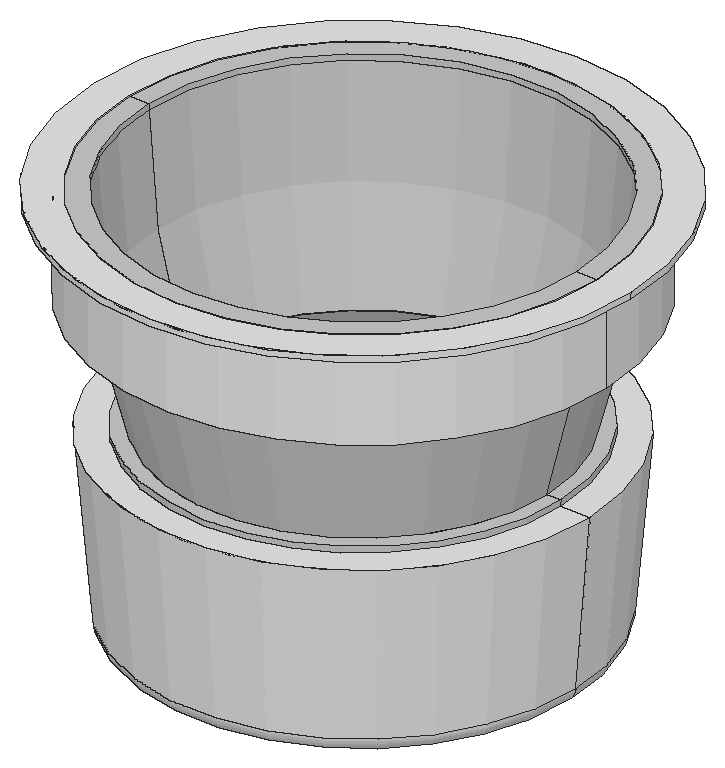
Revit family "2059356 Lighting Fixture_Sylvania_Ascent 150 II Round_Ceiling Recessed", category Lighting Fixtures, host Face, Revit 2017
Family settings
  Host = Face
  Round Connector Dimension = Use Diameter
  Part Type = Normal
  OmniClass Number = 23.80.70.11.17
  OmniClass Title = Specialized Lighting by Location or Use
  Cut with Voids When Loaded = No
  Light Source = Yes
  Shared = No
  Room Calculation Point = No
Parameters (values of type "ASCENT 150 II 2200 3K STD")
  Upper Body Radius = Radius - 14.5 mm  # 80.0 mm
  Upper Body Material = Metal_Sylvania_Ascent 150 II_Black
  Ring Outer Diameter = Diameter - 17.0 mm  # 172.0 mm
  Ring Inner Diameter = Ring Outer Diameter - 4.0 mm  # 168.0 mm
  Reflector Material = Metal_Sylvania_Ascent 150 II_Polished
  Recessed Depth = 142.0 mm
  Radius = Diameter / 2  # 94.5 mm
  Light Emit  Diameter = Diameter - 38.0 mm  # 151.0 mm
  LOR = "100%"  # constant formula
  Inrush Current (max. quantity per 16A C breaker) = "80"  # constant formula
  Inner Reflector Radius = Inner Radius - 19.5 mm  # 63.0 mm
  Inner Radius = Inner Diameter / 2  # 82.5 mm
  Inner Diameter = Diameter - 24.0 mm  # 165.0 mm
  IP Rating = "IP44"  # constant formula
  IK Rating = "IK02"  # constant formula
  Glow Wire Test = 650 °C  # constant formula
  Energy Class = "A++,A+,A"  # constant formula
  Weight = 1.7 kg
  Wattage = 18.2602 W
  built-in parameter 1150110 = 1 (stored number, unit not read)
  Voltage Comments = "UNV (Universal Voltage; 220-240 Volt)"  # constant formula
  Voltage = 230 V  # constant formula
  URL = "https://www.sylvania-lighting.com"
  built-in parameter 1114217 = 1 (stored number, unit not read)
  Tilt Angle = -90°
  built-in parameter 1150109 = 1 (stored number, unit not read)
  built-in parameter 1150134 = (empty or 0)
  built-in parameter 1150113 = 1 (stored number, unit not read)
  Product Page URL = "https://www.sylvania-lighting.com/product/en-int/products/2059356"
  Product Family = "ASCENT 150 II ROUND"  # constant formula
  Photometry Comments = ""
  Photometric Web File = "2059356_ASCENT150II22003KSTD-206199.ies"
  Life = "50 000 h"  # constant formula
  Emit from Circle Diameter = Light Emit  Diameter  # 151.0 mm
  Emit Shape Visible in Rendering = no
  Emergency duration (h) = "N/A"
  Electrical Protection = "Class II"  # constant formula
  Drive Current = "700mA"  # constant formula
  Distribution type = "Direct"  # constant formula
  Diffuser Material = Glass_Sylvania_Ascent 150 II_Clear_3000K
  Diameter = 189.0 mm
  Cutout Diameter = Diameter - 13.0 mm  # 176.0 mm
  Colour consistency (SDCM) = "3 step"  # constant formula
  built-in parameter 1114216 [instance] = 1 (stored number, unit not read)
  Model = "ASCENT 150 II 2200 3K STD"
  Manufacturer = "Feilo Sylvania"
  built-in parameter 1150105 = 178.73 (stored number, unit not read)
  Lumens = 2246 lm
  built-in parameter 1150115 = 1 (stored number, unit not read)
  built-in parameter 1150137 = (empty or 0)
  built-in parameter 1150139 = (empty or 0)
  built-in parameter 1150112 = 1 (stored number, unit not read)
  built-in parameter 1150114 = 1 (stored number, unit not read)
  Lamp Comments = "Integrated LED"  # constant formula
  Lamp = "LED"  # constant formula
  built-in parameter 1150132 = 2
  built-in parameter 1150102 = (empty or 0)
  built-in parameter 1150107 = 3000 (stored number, unit not read)
  built-in parameter 1150138 = (empty or 0)
  built-in parameter 1150106 = 1.7873 (stored number, unit not read)
  built-in parameter 1150104 = 11.427 (stored number, unit not read)
  Dimming Lamp Color Temperature Shift = <None>
  Description = "A very high efficient round downlight up to 127lm/W Long life >50,000hrs 4,000K and 3,000K CCT and CRI Ra85 IP44 rated for wet areas and bathrooms UGR <19 version for offices to comply with EN12464-1 Wide selection of decorative accessories"  # constant formula
  Default Elevation = 0.0 mm
  Color Filter = 16777215
  Catalog Number = "2059356 ASCENT 150 II 2200 3K STD"
  built-in parameter 1140040 [instance] = 1
  CRI (Ra) = ">80"  # constant formula
  built-in parameter 1114218 = 1 (stored number, unit not read)
  built-in parameter 1150133 = 10 (stored number, unit not read)
  Assembly Code = "D5020200"
  Apparent Load Comments = ""
  Apparent Load = 14 VA
  Accessory Material = Aluminum_Sylvania_Ascent 150 II_White
Reference planes
  plane 1 "Center (Front/Back)": y = 0
  plane 2: z = 0
  plane 3 "Center (Left/Right)": x = 0
  plane 4: z = 2
  plane 5: z = -74
  plane 6 "Fixture Top": z = -140
  plane 7: z = -31
  plane 8: z = -72
  plane 9: z = -62.037
Forms (mm)
  Extrusion 1, solid, material "Aluminum_Sylvania_Ascent 150 II_White" <- "Accessory Material", detail levels fine
    sketch origin (0, 0, 0) x (1, 0, 0) y (0, 1, 0)
      loop
        circle (0, 0) r 94.5
      loop
        circle (0, 0) r 82.5
    from 0 to 2
  Extrusion 2, void
    sketch origin (0, 0, 0) x (1, 0, 0) y (0, 1, 0)
      loop
        circle (0, 0) r 88
    from -140 to 2
  Revolve 3, solid, material "Metal_Sylvania_Ascent 150 II_Polished" <- "Reflector Material", detail levels fine
    sketch origin (0, 0, 0) x (1, 0, 0) y (0, 0, 1)
      loop
        line (-82.5, 0) -> (-77.5, 0)
        arc (-77.5, 0) -> (-74.352, -36.539) -> (-65, -72) r 213.61
        line (-65, -72) -> (-70, -72) -> (-70, -74) -> (0, -74) -> (0, -72) -> (-63, -72)
        arc (-63, -72) -> (-72.352, -36.539) -> (-75.5, 0) r 213.61
        line (-75.5, 0) -> (-75.5, 2) -> (-82.5, 2) -> (-82.5, 0)
      axis (0, 2) -> (0, -74)
    angle from 0 to 360
  Extrusion 4, solid, material "Aluminum_Sylvania_Ascent 150 II_White" <- "Accessory Material", detail levels fine
    sketch origin (0, 0, 0) x (1, 0, 0) y (0, 1, 0)
      loop
        circle (0, 0) r 86
      loop
        circle (0, 0) r 84
    from -31 to 0
  Revolve 5, solid, material "Glass_Sylvania_Ascent 150 II_Clear_3000K" <- "Diffuser Material", detail levels fine
    sketch origin (0, 0, 0) x (1, 0, 0) y (0, 0, 1)
      loop
        line (-63, -72) -> (0, -72) -> (0, -62.037)
        arc (0, -62.037) -> (-31.891, -64.543) -> (-63, -72) r 204.163
      axis (0, -62.037) -> (0, -72)
    angle from 0 to 360
  Revolve 6, solid, material "Metal_Sylvania_Ascent 150 II_Black" <- "Upper Body Material", detail levels fine
    sketch origin (0, 0, 0) x (1, 0, 0) y (0, 0, 1)
      loop
        line (0, -74) -> (-80, -74) -> (-75.107, -129.929)
        arc (-75.107, -129.929) -> (-73.452, -133.536) -> (-69.924, -135.353) r 6.079
        arc (-69.924, -135.353) -> (-35.039, -138.837) -> (0, -140) r 528.435
        line (0, -140) -> (0, -74)
      axis (0, -74) -> (0, -140)
    angle from 0 to 360
  Revolve 7, solid, material "Aluminum_Sylvania_Ascent 150 II_White" <- "Accessory Material", detail levels coarse+medium
    sketch origin (0, 0, 0) x (1, 0, 0) y (0, 0, 1)
      loop
        arc (-69.924, -135.353) -> (-35.039, -138.837) -> (0, -140) r 528.435
        line (0, -140) -> (0, 2) -> (-94.5, 2) -> (-94.5, 0) -> (-86, 0) -> (-86, -31)
        arc (-86, -31) -> (-84.493, -52.708) -> (-80, -74) r 157.083
        line (-80, -74) -> (-75.107, -129.929)
        arc (-75.107, -129.929) -> (-73.452, -133.536) -> (-69.924, -135.353) r 6.079
      axis (0, 2) -> (0, -140)
    angle from 0 to 360
Cuts and joins
  joined: Extrusion 1, Extrusion 4
Lines and regions (mm)
  Masking region 1
    outline origin (0, 0, 0) x (1, 0, 0) y (0, 1, 0)
      loop
        circle (0, 0) r 94.5
  symbolic lines, detail levels fine
    curve 1: arc (-75.5, 0, 0) -> (0, 75.5, 0) -> (75.5, 0, 0) r 75.5
    curve 2: arc (75.5, 0, 0) -> (0, -75.5, 0) -> (-75.5, 0, 0) r 75.5
Dimensions and locks
  plane 4 to plane 2 to plane 7 to plane 9 to plane 8 to plane 5 = 2.0 mm locked, 31.0 mm locked, 31.037 mm locked, 9.963 mm locked, 2.0 mm locked
  "Inner Radius": plane 3 "Center (Left/Right)" to Revolve 3 sketch curve
  locked: Revolve 3 sketch curve to Revolve 3 sketch curve at 7
  Revolve 3 sketch curve to Revolve 3 sketch curve to Revolve 3 sketch curve to Revolve 3 sketch curve = 2.0 mm locked, 5.0 mm locked, 12.5 mm locked
  "Inner Reflector Radius": Revolve 5 sketch curve to imposter light
  Revolve 6 sketch curve to Revolve 6 sketch curve to plane 6 "Fixture Top" = 5.424 mm locked, 4.647 mm locked
  "Recessed Depth": plane 4 to plane 6 "Fixture Top"
  "Upper Body Radius": plane 3 "Center (Left/Right)" to Revolve 6 sketch curve
  Revolve 6 sketch curve to Revolve 6 sketch curve to Revolve 6 sketch curve = 4.893 mm locked, 5.183 mm locked
  Revolve 7 sketch curve to Revolve 7 sketch curve to plane 6 "Fixture Top" = 5.424 mm locked, 4.647 mm locked
  Revolve 7 sketch curve to Revolve 7 sketch curve to Revolve 7 sketch curve to Revolve 7 sketch curve to Revolve 7 sketch curve = 8.5 mm locked, 6.0 mm locked, 4.893 mm locked, 5.183 mm locked
  "Radius": plane 3 "Center (Left/Right)" to Revolve 7 sketch curve
  "Diameter": diameter of Extrusion 1 sketch curve
  "Inner Diameter": diameter of Extrusion 1 sketch curve
  "Cutout Diameter": diameter of Extrusion 2 sketch curve
  "Ring Outer Diameter": diameter of Extrusion 4 sketch curve
  "Ring Inner Diameter": diameter of Extrusion 4 sketch curve
  aligned and locked: plane 2 to host face
  aligned and locked: level to host face
  aligned and locked: imposter light to plane 3 "Center (Left/Right)"
  aligned and locked: imposter light to plane 1 "Center (Front/Back)"
  aligned and locked: Extrusion 1 to plane 2
  aligned and locked: plane 4 to Extrusion 1
  aligned and locked: imposter light to plane 4
  aligned and locked: imposter light to Revolve 3 sketch curve
  aligned and locked: Revolve 3 sketch curve to imposter light
  aligned and locked: Revolve 3 sketch curve to plane 2
  aligned and locked: Revolve 3 sketch curve to Revolve 3 sketch curve
  aligned and locked: plane 5 to Revolve 3 sketch curve
  aligned and locked: Extrusion 4 to plane 7
  aligned and locked: Revolve 3 sketch curve to plane 8
  aligned and locked: Revolve 5 sketch curve to plane 8
  aligned and locked: imposter light to Revolve 5 sketch curve  (x2)
  aligned and locked: imposter light to Revolve 6 sketch curve  (x2)
  aligned and locked: plane 5 to Revolve 6 sketch curve
  aligned and locked: plane 6 "Fixture Top" to Revolve 6 sketch curve
  aligned and locked: Revolve 7 sketch curve to plane 2
  aligned and locked: plane 4 to Revolve 7 sketch curve
  aligned and locked: plane 7 to Revolve 7 sketch curve
  aligned and locked: imposter light to Extrusion 2
  aligned and locked: Extrusion 2 to plane 6 "Fixture Top"
  aligned and locked: Masking region 1 sketch curve to Revolve 7  (x2)
  aligned and locked: curve 1 to Revolve 3
  aligned and locked: curve 2 to Revolve 3
Automatic sketch dimensions
  host sketch curve to host sketch curve = 1040.406 mm
  host sketch curve to host sketch curve = 988.385 mm
  Extrusion 1 sketch curve to Extrusion 1 sketch curve = 0.0 mm  (x2)
  plane 1 "Center (Front/Back)" to Extrusion 1 sketch curve = 0.0 mm
  Extrusion 1 sketch curve to plane 3 "Center (Left/Right)" = 0.0 mm
  plane 1 "Center (Front/Back)" to Extrusion 2 sketch curve = 0.0 mm
  Extrusion 2 sketch curve to plane 3 "Center (Left/Right)" = 0.0 mm
  Revolve 3 sketch curve to plane 3 "Center (Left/Right)" = 0.0 mm
  Revolve 3 sketch curve to level = 0.0 mm
  Revolve 3 sketch curve to Revolve 3 sketch curve = 2.0 mm
  Revolve 3 sketch curve to plane 5 = 27.065 mm
  plane 4 to Revolve 3 sketch curve = 16.525 mm
  Extrusion 4 sketch curve to Extrusion 4 sketch curve = 0.0 mm  (x2)
  plane 1 "Center (Front/Back)" to Extrusion 4 sketch curve = 0.0 mm
  Extrusion 4 sketch curve to plane 3 "Center (Left/Right)" = 0.0 mm
  Revolve 5 sketch curve to plane 9 = 0.0 mm
  Revolve 5 sketch curve to plane 5 = 17.158 mm
  Revolve 5 sketch curve to plane 7 = 15.158 mm
  Revolve 6 sketch curve to plane 7 = 0.0 mm
  Revolve 6 sketch curve to Revolve 6 sketch curve = 6.05 mm
  Revolve 6 sketch curve to plane 6 "Fixture Top" = 26.0 mm
  Revolve 7 sketch curve to plane 3 "Center (Left/Right)" = 0.0 mm  (x2)
  Revolve 7 sketch curve to plane 6 "Fixture Top" = 0.0 mm
  Revolve 7 sketch curve to plane 5 = 0.0 mm
  Revolve 7 sketch curve to plane 7 = 0.0 mm
  Revolve 7 sketch curve to Revolve 7 sketch curve = 0.866 mm
  Revolve 7 sketch curve to Revolve 7 sketch curve = 26.0 mm
Connectors
  electrical at (0, 0, -140), driven by "Apparent Load", driven by "Voltage"
    settings: index 1, voltage 230 V, apparent load 0 VA, apparent load phase1 14 VA, apparent load phase2 0 VA, apparent load phase3 0 VA, power factor 1, load classification "Lighting", number of poles 1, system type 31, power factor state 1, is connector primary yes, connector utility no, sub classification motor no, connector description ""
